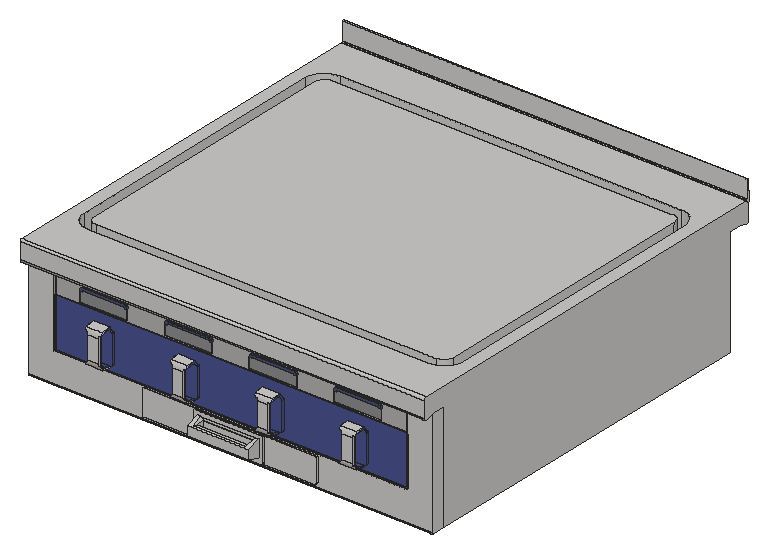
Revit family "QF_ELECTROLUXPROFESSIONAL_588325_MATCABHOAO", category Specialty Equipment, Revit 2018
Family settings
  Round Connector Dimension = Use Diameter
  Part Type = Normal
  Work Plane-Based = No
  Always vertical = Yes
  Cut with Voids When Loaded = No
  Shared = No
  Room Calculation Point = No
Parameters
  Weight in Pounds = 253.532
  Watts = 12000 VA  # 12000 W
  Volts = 400 V  # constant formula
  URL Cutsheet = ""
  Type Mark [instance] = ""
  Status [instance] = ""
  Specification by User [instance] = ""
  Specification by Manufacturer = ""
  Show Clearance [instance] = yes
  Serial Number = ""
  Seismic Rating = ""
  SMACNA No = ""
  Revision Code [instance] = ""
  Phase = 3  # constant formula
  Omniclass Number and Title = ""
  Number of Poles [instance] = 1
  NAFEM Spec ID Number = ""
  Model = "588325"
  Min Ckt Ampacity = 0 A
  Max Overcurrent Protection = 0 A
  Masterspec = ""
  Manufacturer = "ELECTROLUX"
  Item Number [instance] = ""
  Installed By [instance] = ""
  Identify Quantity as Lot [instance] = yes
  HP = "16.1 HP"
  Furnished By [instance] = ""
  Foodservice Equipment Identifier [instance] = yes
  FL Amps [instance] = if(Phase = 3, Watts / (Volts * 1.73), Watts / Volts)  # 17.341 A
  Electrical Remarks = "400 V/3N ph/50/60 Hz"  # constant formula
  Electric Connection Type [instance] = ""
  Elec Conn RI Height [instance] = 0 mm
  Elec Conn Connection Height [instance] = 0 mm
  Direct Waste Size = 0"
  Description = "EL.FREE COOKING TOP,1S,BS,800X800X250H"
  Cycle [instance] = if([60 Hertz Option], 60 Hz, 50 Hz)  # 60 Hz
  Conn Plug = ""
  Conn Conduit = yes
  CSI MasterFormat = ""
  CSI Master Format = ""
  Apparent Power [instance] = if(Phase = 3, Volts * FL Amps * 1.73, Volts * FL Amps)  # 12000 VA
  60 Hertz Option [instance] = not([50 Hertz Option])  # yes
  50 Hertz Option [instance] = no
Reference planes
  plane 1 "BACK": y = 0
  plane 2: z = 0
  plane 3 "LEFT": x = 0
  plane 4 "RIGHT": x = 800
  plane 5 "FRONT": y = -800
  plane 6 "TOP": z = 250
  plane 7: x = 400
  plane 8: y = -400
  plane 9: z = 582.185
  plane 10: y = -1230
  plane 11: x = 755
Forms (mm)
  Extrusion 1, solid, material "QF_Finishes_Stainless Steel"
    sketch origin (0, -487.128, 0) x (0, 1, 0) y (0, 0, 1)
      loop
        line (483.128, 250) -> (-308.872, 250)
        arc (-308.872, 250) -> (-311.7, 248.828) -> (-312.872, 246) r 4
        line (-312.872, 246) -> (-312.872, 214)
        arc (-312.872, 214) -> (-311.437, 210.931) -> (-308.161, 210.064) r 4
        line (-308.161, 210.064) -> (-292.872, 213) -> (-267.872, 213) -> (-267.872, 0) -> (441.128, 0) -> (441.128, 213) -> (465.765, 213) -> (482.433, 210.061)
        arc (482.433, 210.061) -> (485.699, 210.936) -> (487.128, 214) r 4
        line (487.128, 214) -> (487.128, 246)
        arc (487.128, 246) -> (485.956, 248.828) -> (483.128, 250) r 4
    from 0 to 800
  Extrusion 2, void
    sketch origin (653.786, 44.048, 250) x (1, 0, 0) y (0, -1, 0)
      loop
        line (-590.636, 133.048) -> (83.064, 133.048)
        arc (83.064, 133.048) -> (110.04, 144.222) -> (121.214, 171.198) r 38.15
        line (121.214, 171.198) -> (121.214, 716.572)
        arc (121.214, 716.572) -> (109.944, 743.779) -> (82.737, 755.048) r 38.476
        line (82.737, 755.048) -> (-591.786, 755.048)
        arc (-591.786, 755.048) -> (-617.949, 744.211) -> (-628.786, 718.048) r 37
        line (-628.786, 718.048) -> (-628.786, 171.198)
        arc (-628.786, 171.198) -> (-617.613, 144.222) -> (-590.636, 133.048) r 38.15
    from 0 to 37
  Extrusion 3, solid, material "QF_Finishes_Stainless Steel"
    sketch origin (0, -655, 0) x (1, 0, 0) y (0, -1, 0)
      loop
        circle (755, -70) r 6.35
    from 0 to 3.2
  Extrusion 4, solid, material "QF_Door-Drawer Clearances", visible <- "Show Clearance", detail levels coarse
    sketch origin (437.31, -782.593, 8.62) x (0, 0, 1) y (-1, 0, 0)
      loop
        line (1.973, -134.295) -> (49.317, -134.295)
        arc (49.317, -134.295) -> (50.776, -133.691) -> (51.38, -132.232) r 2.063
        line (51.38, -132.232) -> (51.38, 206.852)
        arc (51.38, 206.852) -> (50.88, 208.549) -> (49.541, 209.705) r 3.133
        line (49.541, 209.705) -> (3.067, 209.705)
        arc (3.067, 209.705) -> (0.898, 208.807) -> (0, 206.638) r 3.067
        line (0, 206.638) -> (0, -132.322)
        arc (0, -132.322) -> (0.578, -133.717) -> (1.973, -134.295) r 1.973
    from 0 to 447.407
  Extrusion 5, solid, material "QF_Finishes_Stainless Steel"
    sketch origin (653.786, 44.048, 213) x (1, 0, 0) y (0, 1, 0)
      loop
        line (-608.786, -171.198) -> (-608.786, -716.898)
        arc (-608.786, -716.898) -> (-603.47, -729.732) -> (-590.636, -735.048) r 18.15
        line (-590.636, -735.048) -> (83.064, -735.048)
        arc (83.064, -735.048) -> (95.898, -729.732) -> (101.214, -716.898) r 18.15
        line (101.214, -716.898) -> (101.214, -171.198)
        arc (101.214, -171.198) -> (95.898, -158.364) -> (83.064, -153.048) r 18.15
        line (83.064, -153.048) -> (-590.636, -153.048)
        arc (-590.636, -153.048) -> (-603.47, -158.364) -> (-608.786, -171.198) r 18.15
    from 0 to 37
  Extrusion 6, solid, material "QF_Finishes_Stainless Steel"
    sketch origin (0, -950.048, 0) x (0, -1, 0) y (0, 0, -1)
      loop
        arc (-948.097, -252.006) -> (-947.511, -250.592) -> (-946.097, -250.006) r 2
        arc (-946.097, -250.006) -> (-948.877, -248.828) -> (-950.048, -246) r 4
        line (-950.048, -246) -> (-950.048, -288.006) -> (-948.097, -288.006) -> (-948.097, -252.006)
    from 0 to 800
Cuts and joins
  Extrusion 2 cuts Extrusion 1
Lines and regions (mm)
  symbolic lines
    curve 1: line (25, -674, 0) -> (25, -127.15, 0)
    curve 2: arc (25, -127.15, 0) -> (36.174, -100.174, 0) -> (63.15, -89, 0) r 38.15
    curve 3: line (63.15, -89, 0) -> (736.85, -89, 0)
    curve 4: arc (736.85, -89, 0) -> (763.826, -100.174, 0) -> (775, -127.15, 0) r 38.15
    curve 5: line (775, -127.15, 0) -> (775, -672.524, 0)
    curve 6: arc (775, -672.524, 0) -> (763.731, -699.731, 0) -> (736.524, -711, 0) r 38.476
    curve 7: line (736.524, -711, 0) -> (62, -711, 0)
    curve 8: arc (62, -711, 0) -> (35.837, -700.163, 0) -> (25, -674, 0) r 37
    curve 9: line (0, 0, 0) -> (800, 0, 0)
    curve 10: line (0, -800, 0) -> (0, 0, 0)
    curve 11: line (800, -800, 0) -> (0, -800, 0)
    curve 12: line (800, 0, 0) -> (800, -800, 0)
  symbolic lines, style "QF_Door-Drawer Clearances"
    curve 13: line (571.605, -1230, 0) -> (571.605, -800, 0)
    curve 14: line (571.605, -1230, 0) -> (227.605, -1230, 0)
    curve 15: line (227.605, -1230, 0) -> (227.605, -800, 0)
  symbolic lines, style "SpecialityEquipment"
    curve 16: line (755, -672.85, 0) -> (755, -127.15, 0)
    curve 17: arc (755, -127.15, 0) -> (749.684, -114.316, 0) -> (736.85, -109, 0) r 18.15
    curve 18: line (736.85, -109, 0) -> (63.15, -109, 0)
    curve 19: arc (63.15, -109, 0) -> (50.316, -114.316, 0) -> (45, -127.15, 0) r 18.15
    curve 20: line (45, -127.15, 0) -> (45, -672.85, 0)
    curve 21: arc (45, -672.85, 0) -> (50.316, -685.684, 0) -> (63.15, -691, 0) r 18.15
    curve 22: line (63.15, -691, 0) -> (736.85, -691, 0)
    curve 23: arc (736.85, -691, 0) -> (749.684, -685.684, 0) -> (755, -672.85, 0) r 18.15
    curve 24: line (0, -1.951, 0) -> (800, -1.951, 0)
Dimensions and locks
  plane 3 "LEFT" to plane 4 "RIGHT" = 800 mm
  plane 5 "FRONT" to plane 1 "BACK" = 800 mm
  equal spacing: plane 3 "LEFT", plane 7, plane 4 "RIGHT"
  equal spacing: plane 5 "FRONT", plane 8, plane 1 "BACK"
  plane 6 "TOP" to level = 250 mm  (x2)
  plane 1 "BACK" to plane 5 "FRONT" = 800 mm
  Extrusion 3 sketch curve to plane 1 "BACK" = 585 mm
  Extrusion 3 sketch curve to plane 4 "RIGHT" = 45 mm
  plane 5 "FRONT" to plane 10 = 430 mm
  plane 1 "BACK" to Extrusion 3 = 585 mm
  locked: plane 11 to plane 4 "RIGHT" at 45
  aligned and locked: level to plane 2
  aligned and locked: plane 7 to nested 1
  aligned and locked: Extrusion 4 to plane 10
  aligned and locked: Extrusion 1 to plane 4 "RIGHT"
Automatic sketch dimensions
  Extrusion 1 sketch curve to plane 5 "FRONT" = 0 mm
  Extrusion 1 sketch curve to plane 6 "TOP" = 0 mm
  Extrusion 1 sketch curve to level = 0 mm
  Extrusion 1 sketch curve to plane 1 "BACK" = 0 mm
  Extrusion 1 sketch curve to plane 6 "TOP" = 37 mm  (x2)
  Extrusion 1 sketch curve to plane 5 "FRONT" = 4 mm
  Extrusion 1 sketch curve to plane 5 "FRONT" = 20 mm
  Extrusion 1 sketch curve to plane 5 "FRONT" = 45 mm
  plane 1 "BACK" to Extrusion 1 sketch curve = 21.363 mm
  plane 1 "BACK" to Extrusion 1 sketch curve = 4 mm  (x2)
  Extrusion 1 sketch curve to Extrusion 1 sketch curve = 4 mm
  Extrusion 1 sketch curve to Extrusion 1 sketch curve = 0.711 mm
  plane 1 "BACK" to Extrusion 1 sketch curve = 4.695 mm
  Extrusion 1 sketch curve to Extrusion 1 sketch curve = 0 mm  (x2)
  Extrusion 1 sketch curve to Extrusion 1 sketch curve = 1 mm  (x2)
  plane 1 "BACK" to Extrusion 1 sketch curve = 46 mm
  Extrusion 4 sketch curve to nested 1 = 1.973 mm
  Extrusion 4 sketch curve to nested 1 = 2.853 mm
  Extrusion 4 sketch curve to nested 1 = 1.839 mm
  Extrusion 1 to Extrusion 2 sketch curve = 25 mm  (x2)
  Extrusion 1 to Extrusion 2 sketch curve = 85 mm
  Extrusion 2 sketch curve to Extrusion 2 sketch curve = 37 mm
  Extrusion 2 sketch curve to Extrusion 2 sketch curve = 38.15 mm
  Extrusion 1 to Extrusion 2 sketch curve = 63.476 mm
  Extrusion 1 to Extrusion 2 sketch curve = 63.15 mm
  Extrusion 1 to Extrusion 2 sketch curve = 123.15 mm
  Extrusion 5 sketch curve to Extrusion 2 = 20 mm  (x3)
  Extrusion 5 sketch curve to Extrusion 2 = 38.15 mm  (x5)
  curve 2 to curve 19 = 0 mm  (x2)
  curve 4 to curve 17 = 0 mm  (x2)
  curve 12 to plane 4 "RIGHT" = 0 mm
  curve 16 to plane 11 = 0 mm
  plane 10 to curve 13 = 0 mm
  curve 11 to plane 3 "LEFT" = 0 mm
  plane 1 "BACK" to curve 12 = 0 mm
  plane 5 "FRONT" to curve 11 = 0 mm
  curve 5 to plane 11 = 20 mm
  plane 11 to curve 18 = 18.15 mm
  plane 11 to curve 22 = 18.15 mm
  plane 11 to curve 7 = 18.476 mm
  plane 11 to curve 13 = 183.395 mm
  curve 15 to plane 7 = 172.395 mm
  plane 3 "LEFT" to curve 22 = 63.15 mm
  plane 3 "LEFT" to curve 18 = 63.15 mm
  curve 22 to curve 7 = 1.15 mm
  curve 8 to curve 20 = 17 mm
  plane 1 "BACK" to curve 3 = 89 mm
  curve 5 to plane 5 "FRONT" = 127.476 mm
  curve 20 to curve 8 = 1.15 mm
  Extrusion 6 sketch curve to plane 1 "BACK" = 0 mm  (x2)
  Extrusion 6 sketch curve to plane 6 "TOP" = 2.006 mm
  Extrusion 6 sketch curve to plane 6 "TOP" = 0 mm
  Extrusion 6 sketch curve to Extrusion 6 sketch curve = 1.951 mm
  Extrusion 6 sketch curve to Extrusion 6 sketch curve = 2 mm
  Extrusion 6 sketch curve to Extrusion 6 sketch curve = 0.049 mm
  Extrusion 6 sketch curve to Extrusion 6 sketch curve = 36 mm
  Extrusion 6 sketch curve to Extrusion 6 sketch curve = 0 mm
  curve 24 to plane 4 "RIGHT" = 0 mm
  curve 24 to plane 3 "LEFT" = 0 mm
  plane 1 "BACK" to curve 24 = 1.951 mm
  radius of Extrusion 3 sketch curve = 6.35 mm
  radius of Extrusion 4 sketch curve to nested 1 = 0 mm  (x2)
Nested families
  nested 1: "EG_800_1000_Four Front Panel with Center Grease Trap" at (202.376, -755, -650), type "EG_800_1000_Four Front Panel with Center Grease Trap"
Connectors
  electrical at (755, -585, -3.2), driven by "Volts", driven by "Watts"
    settings: on Extrusion 3, index 1, voltage 400 V, apparent load 12000 VA, apparent load phase1 0 VA, apparent load phase2 0 VA, apparent load phase3 0 VA, power factor 1, load classification "Other", number of poles 1, system type 30, power factor state 1, is connector primary yes, connector utility no, sub classification motor no, connector description "ELECTRICAL CONNECTION"
Definition of nested family "EG_800_1000_Four Front Panel with Center Grease Trap"
  Reference planes
    plane 1 "Center (Front/Back)": y = 0
    plane 2: z = 0
    plane 3 "Center (Left/Right)": x = 197.624
    plane 4: x = -202.376
    plane 5: x = 597.624
    plane 6: y = -45
  Forms (mm)
    Extrusion 1, solid
      sketch origin (833.217, 829.203, -1.25) x (0, 1, 0) y (0, 0, 1)
        loop
          arc (-854.203, 654.25) -> (-853.324, 652.129) -> (-851.203, 651.25) r 3
          line (-851.203, 651.25) -> (-829.203, 651.25) -> (-829.203, 864.25) -> (-854.203, 864.25) -> (-854.203, 654.25)
      from -1035.593 to -235.593
    Extrusion 2, void
      sketch origin (33.217, 829.203, -1.25) x (1, 0, 0) y (0, 0, 1)
        loop
          line (-185.593, 855.116) -> (-185.593, 713.116) -> (514.407, 713.116) -> (514.407, 855.116) -> (-185.593, 855.116)
      from 848.59 to 854.203
  Cuts and joins
    Extrusion 2 cuts Extrusion 1
  Dimensions and locks
    equal spacing: plane 5, plane 3 "Center (Left/Right)", plane 4
    plane 5 to plane 4 = 800 mm
    aligned and locked: cut or joined group of Extrusion 1, Extrusion 2 to plane 4
    aligned and locked: plane 5 to cut or joined group of Extrusion 1, Extrusion 2
    aligned and locked: plane 3 "Center (Left/Right)" to nested 2
    aligned and locked: cut or joined group of Extrusion 1, Extrusion 2 to nested 2
    aligned and locked: plane 3 "Center (Left/Right)" to nested 3
  Automatic sketch dimensions
    Extrusion 1 sketch curve to plane 1 "Center (Front/Back)" = 0 mm
    plane 1 "Center (Front/Back)" to Extrusion 1 sketch curve = 22 mm
    Extrusion 1 sketch curve to Extrusion 1 sketch curve = 3 mm
    level to Extrusion 1 sketch curve = 650 mm
    Extrusion 1 sketch curve to Extrusion 1 sketch curve = 210 mm
    plane 4 to Extrusion 2 sketch curve = 50 mm
    Extrusion 2 sketch curve to plane 5 = 50 mm
    level to Extrusion 2 sketch curve = 711.866 mm
    Extrusion 2 sketch curve to Extrusion 2 sketch curve = 142 mm
  Nested families
    nested 1: "Range Control Handle" at (-54.464, -28.137, -209.113) x (-1, 0, 0) z (0, 0, 1), type "Range Control Handle"
    nested 2: "glass conrol panel" at (197.624, 280.644, 2.752), type "glass conrol panel"
    nested 3: "grease trap door" at (265.223, -25, 0.608) x (-1, 0, 0) z (0, 0, 1), type "grease trap door"
    nested 4: "Range Control Handle" at (113.036, -28.137, -209.113) x (-1, 0, 0) z (0, 0, 1), type "Range Control Handle"
    nested 5: "Range Control Handle" at (280.536, -28.137, -209.113) x (-1, 0, 0) z (0, 0, 1), type "Range Control Handle"
    nested 6: "Range Control Handle" at (448.036, -28.137, -209.113) x (-1, 0, 0) z (0, 0, 1), type "Range Control Handle"
  Definition of nested family "Range Control Handle"
    Reference planes
      plane 1 "Center (Front/Back)": y = 0
      plane 2: z = 0
      plane 3 "Center (Left/Right)": x = 0
      plane 4: z = 971.092
      plane 5: y = -16.9
    Forms (mm)
      Extrusion 1, solid
        sketch origin (-746.28, 380.497, 208.931) x (-1, 0, 0) y (0, 0, 1)
          loop
            line (-770.101, 786.798) -> (-770.101, 731.649)
            arc (-770.101, 731.649) -> (-769.759, 730.563) -> (-768.855, 729.87) r 1.893
            line (-768.855, 729.87) -> (-763.474, 727.911) -> (-729.81, 727.911) -> (-724.428, 729.87)
            arc (-724.428, 729.87) -> (-723.525, 730.563) -> (-723.183, 731.649) r 1.893
            line (-723.183, 731.649) -> (-723.183, 786.798)
            arc (-723.183, 786.798) -> (-723.529, 787.894) -> (-724.44, 788.593) r 1.91
            line (-724.44, 788.593) -> (-729.683, 790.819) -> (-763.601, 790.819) -> (-768.844, 788.593)
            arc (-768.844, 788.593) -> (-769.755, 787.894) -> (-770.101, 786.798) r 1.91
        from -382.35 to -378.852
      Sweep 2, solid
        path origin (-746.788, 380.496, 208.091) x (0, -1, 0) y (0, 0, 1)
          loop
            line (379.775, 793.281) -> (395.661, 791.048)
            arc (395.661, 791.048) -> (397.781, 787.377) -> (398.517, 783.202) r 12.207
            line (398.517, 783.202) -> (398.517, 737.368)
            arc (398.517, 737.368) -> (397.781, 733.193) -> (395.661, 729.522) r 12.207
            line (395.661, 729.522) -> (379.775, 727.289)
        profile origin (-746.788, -7.222, 1000.256) x (0, -0.139173, 0.990268) y (-1, 0, 0)
          loop
            line (0.782, -763.123) -> (0.782, -730.907) -> (-1.322, -730.907) -> (-1.322, -763.123) -> (0.782, -763.123)
      Sweep 3, solid
        path origin (-746.788, 380.715, 207.832) x (0, -1, 0) y (0, 0, 1)
          loop
            line (380.478, 795.442) -> (397.218, 793.09)
            arc (397.218, 793.09) -> (399.929, 788.473) -> (400.871, 783.202) r 15.207
            line (400.871, 783.202) -> (400.871, 737.584)
            arc (400.871, 737.584) -> (399.914, 732.274) -> (397.164, 727.633) r 15.207
            line (397.164, 727.633) -> (380.601, 725.305)
        profile origin (-746.788, -8.132, 1002.099) x (0, -0.139173, 0.990268) y (-1, 0, 0)
          loop
            line (0.782, -763.123) -> (0.782, -730.907) -> (-1.322, -730.907) -> (-1.322, -763.123) -> (0.782, -763.123)
      Extrusion 4, void
        sketch origin (889.253, 220.666, 207.993) x (1, 0, 0) y (0, 0, 1)
          loop
            line (-943.038, 816.854) -> (-943.038, 703.686) -> (-899.466, 734.196) -> (-899.466, 786.344) -> (-943.038, 816.854)
        from 230.636 to 242.25
      Extrusion 5, void
        sketch origin (-888.8, 220.666, 207.993) x (-1, 0, 0) y (0, 0, -1)
          loop
            line (-943.038, -816.854) -> (-899.466, -786.344) -> (-899.466, -734.196) -> (-943.038, -703.686) -> (-943.038, -816.854)
        from 230.636 to 242.25
      Extrusion 6, solid
        sketch origin (0, 0, 0) x (1, 0, 0) y (0, 0, 1)
          loop
            circle (0, 971.092) r 7.736
        from -3.137 to -1.645
    Cuts and joins
      Extrusion 4, Extrusion 5 cuts Sweep 3
      Extrusion 4, Extrusion 5 cuts Sweep 2
      joined: Extrusion 1, Extrusion 6
    Lines and regions (mm)
      symbolic lines
        curve 1: line (16.334, -16.9, 0) -> (16.334, -19.227, 0)
        curve 2: spline (16.334, -19.227, 0) -> (15.87, -19.385, 0) -> (15.404, -19.536, 0) -> (14.936, -19.678, 0) -> (14.466, -19.813, 0) -> (13.995, -19.94, 0) -> (13.523, -20.059, 0) -> (13.049, -20.171, 0) -> (12.575, -20.274, 0) -> (12.099, -20.37, 0) -> (11.622, -20.458, 0) -> (11.144, -20.537, 0) -> (10.666, -20.609, 0)
        curve 3: line (10.666, -16.9, 0) -> (10.666, -20.938, 0)
        curve 4: line (-10.213, -20.938, 0) -> (10.666, -20.938, 0)
        curve 5: line (-10.213, -20.938, 0) -> (-10.213, -16.9, 0)
        curve 6: spline (-10.213, -20.609, 0) -> (-10.691, -20.537, 0) -> (-11.169, -20.458, 0) -> (-11.646, -20.37, 0) -> (-12.122, -20.274, 0) -> (-12.597, -20.171, 0) -> (-13.07, -20.059, 0) -> (-13.542, -19.94, 0) -> (-14.013, -19.813, 0) -> (-14.483, -19.678, 0) -> (-14.951, -19.536, 0) -> (-15.417, -19.385, 0) -> (-15.881, -19.227, 0)
        curve 7: line (-15.881, -19.227, 0) -> (-15.881, -16.9, 0)
  Definition of nested family "glass conrol panel"
    Reference planes
      plane 1 "Center (Front/Back)": y = 0
      plane 2: z = 0
      plane 3 "Center (Left/Right)": x = 0
    Forms (mm)
      Extrusion 1, solid
        sketch origin (378.286, 0, 0.617) x (1, 0, 0) y (0, 0, 1)
          loop
            line (-728.286, 806.791) -> (-728.286, 708.497) -> (-28.286, 708.497) -> (-28.286, 806.791) -> (-728.286, 806.791)
        from 300.031 to 304.8
      Extrusion 2, solid
        sketch origin (378.286, 0, 0.617) x (1, 0, 0) y (0, 0, 1)
          loop
            line (-728.286, 850.497) -> (-728.286, 806.791) -> (-28.286, 806.791) -> (-28.286, 850.497) -> (-728.286, 850.497)
        from 300.031 to 304.8
      Extrusion 3, void
        sketch origin (378.286, 0, 0.617) x (1, 0, 0) y (0, 0, 1)
          loop
            line (-725.628, 847.565) -> (-725.628, 710.699) -> (-31.196, 710.699) -> (-31.196, 847.565) -> (-725.628, 847.565)
        from 303.697 to 304.8
      Extrusion 4, solid
        sketch origin (-392.059, 1.101, -0.633) x (-1, 0, 0) y (0, 0, -1)
          loop
            line (-261.431, -812.62) -> (-355.186, -812.62) -> (-355.186, -834.177) -> (-350.269, -834.177) -> (-348.469, -835.977) -> (-268.039, -835.977) -> (-266.24, -834.177) -> (-261.431, -834.177) -> (-261.431, -812.62)
        from 304.798 to 306.745
      Extrusion 5, solid
        sketch origin (-392.059, 1.101, -0.633) x (-1, 0, 0) y (0, 0, -1)
          loop
            line (-350.269, -834.177) -> (-355.078, -834.177)
            arc (-355.078, -834.177) -> (-353.942, -838.747) -> (-349.686, -840.763) r 5.5
            line (-349.686, -840.763) -> (-266.98, -840.763)
            arc (-266.98, -840.763) -> (-262.706, -838.752) -> (-261.529, -834.177) r 5.549
            line (-261.529, -834.177) -> (-266.24, -834.177) -> (-268.039, -835.977) -> (-348.469, -835.977) -> (-350.269, -834.177)
        from 304.798 to 306.745
      Extrusion 6, solid
        sketch origin (392.059, 1.101, -0.633) x (1, 0, 0) y (0, 0, 1)
          loop
            line (-261.431, 812.62) -> (-261.431, 834.177) -> (-266.24, 834.177) -> (-268.039, 835.977) -> (-348.469, 835.977) -> (-350.269, 834.177) -> (-355.186, 834.177) -> (-355.186, 812.62) -> (-261.431, 812.62)
        from 304.798 to 306.745
      Extrusion 7, solid
        sketch origin (392.059, 1.101, -0.633) x (1, 0, 0) y (0, 0, 1)
          loop
            line (-350.269, 834.177) -> (-348.469, 835.977) -> (-268.039, 835.977) -> (-266.24, 834.177) -> (-261.529, 834.177)
            arc (-261.529, 834.177) -> (-262.706, 838.752) -> (-266.98, 840.763) r 5.549
            line (-266.98, 840.763) -> (-349.686, 840.763)
            arc (-349.686, 840.763) -> (-353.942, 838.747) -> (-355.078, 834.177) r 5.5
            line (-355.078, 834.177) -> (-350.269, 834.177)
        from 304.798 to 306.745
      Extrusion 8, solid
        sketch origin (-559.559, 1.101, -0.633) x (-1, 0, 0) y (0, 0, -1)
          loop
            line (-261.431, -812.62) -> (-355.186, -812.62) -> (-355.186, -834.177) -> (-350.269, -834.177) -> (-348.469, -835.977) -> (-268.039, -835.977) -> (-266.24, -834.177) -> (-261.431, -834.177) -> (-261.431, -812.62)
        from 304.798 to 306.745
      Extrusion 9, solid
        sketch origin (-559.559, 1.101, -0.633) x (-1, 0, 0) y (0, 0, -1)
          loop
            line (-350.269, -834.177) -> (-355.078, -834.177)
            arc (-355.078, -834.177) -> (-353.942, -838.747) -> (-349.686, -840.763) r 5.5
            line (-349.686, -840.763) -> (-266.98, -840.763)
            arc (-266.98, -840.763) -> (-262.706, -838.752) -> (-261.529, -834.177) r 5.549
            line (-261.529, -834.177) -> (-266.24, -834.177) -> (-268.039, -835.977) -> (-348.469, -835.977) -> (-350.269, -834.177)
        from 304.798 to 306.745
      Extrusion 10, solid
        sketch origin (559.559, 1.101, -0.633) x (1, 0, 0) y (0, 0, 1)
          loop
            line (-261.431, 812.62) -> (-261.431, 834.177) -> (-266.24, 834.177) -> (-268.039, 835.977) -> (-348.469, 835.977) -> (-350.269, 834.177) -> (-355.186, 834.177) -> (-355.186, 812.62) -> (-261.431, 812.62)
        from 304.798 to 306.745
      Extrusion 11, solid
        sketch origin (559.559, 1.101, -0.633) x (1, 0, 0) y (0, 0, 1)
          loop
            line (-350.269, 834.177) -> (-348.469, 835.977) -> (-268.039, 835.977) -> (-266.24, 834.177) -> (-261.529, 834.177)
            arc (-261.529, 834.177) -> (-262.706, 838.752) -> (-266.98, 840.763) r 5.549
            line (-266.98, 840.763) -> (-349.686, 840.763)
            arc (-349.686, 840.763) -> (-353.942, 838.747) -> (-355.078, 834.177) r 5.5
            line (-355.078, 834.177) -> (-350.269, 834.177)
        from 304.798 to 306.745
    Cuts and joins
      Extrusion 3 cuts Extrusion 1
      Extrusion 3 cuts Extrusion 2
    Dimensions and locks
      aligned and locked: Extrusion 1 to Extrusion 2
      aligned and locked: Extrusion 5 sketch curve to Extrusion 4  (x5)
      aligned and locked: Extrusion 5 to Extrusion 4
      aligned and locked: Extrusion 7 sketch curve to Extrusion 6  (x4)
      aligned and locked: Extrusion 6 to Extrusion 7 sketch curve
      aligned and locked: Extrusion 7 to Extrusion 6
      aligned and locked: Extrusion 9 sketch curve to Extrusion 8  (x5)
      aligned and locked: Extrusion 9 to Extrusion 8
      aligned and locked: Extrusion 11 sketch curve to Extrusion 10  (x4)
      aligned and locked: Extrusion 10 to Extrusion 11 sketch curve
      aligned and locked: Extrusion 11 to Extrusion 10
  Definition of nested family "grease trap door"
    Reference planes
      plane 1 "Center (Front/Back)": y = 0
      plane 2: z = 0
      plane 3 "Center (Left/Right)": x = 0
      plane 4: y = -20
    Forms (mm)
      Extrusion 1, solid
        sketch origin (1627.55, 854.203, -1.25) x (1, 0, 0) y (0, 0, 1)
          loop
            arc (-1627.55, 661.235) -> (-1626.972, 659.84) -> (-1625.577, 659.262) r 1.973
            line (-1625.577, 659.262) -> (-1494.325, 659.262)
            arc (-1494.325, 659.262) -> (-1492.156, 660.16) -> (-1491.258, 662.329) r 3.067
            line (-1491.258, 662.329) -> (-1491.258, 708.803)
            arc (-1491.258, 708.803) -> (-1492.414, 710.143) -> (-1494.111, 710.642) r 3.133
            line (-1494.111, 710.642) -> (-1625.486, 710.642)
            arc (-1625.486, 710.642) -> (-1626.945, 710.038) -> (-1627.55, 708.579) r 2.063
            line (-1627.55, 708.579) -> (-1627.55, 661.235)
        from 856.795 to 859.203
      Extrusion 2, solid
        sketch origin (445.874, 2476.61, 0) x (0, 1, 0) y (0, 0, 1)
          loop
            line (-2506.377, 675.273) -> (-2481.61, 667.505) -> (-2481.61, 700.995) -> (-2506.377, 693.227) -> (-2506.377, 675.273)
        from -437.68 to -317.68
      Extrusion 3, void
        sketch origin (1627.55, 854.203, -1.25) x (1, 0, 0) y (0, 0, 1)
          loop
            line (-1614.883, 703) -> (-1610.542, 695.433) -> (-1508.17, 695.433) -> (-1503.828, 703) -> (-1614.883, 703)
          loop
            line (-1614.883, 668) -> (-1502.669, 668) -> (-1507.01, 675.567) -> (-1610.542, 675.567) -> (-1614.883, 668)
        from 832.916 to 883.97
      Extrusion 4, void
        sketch origin (447.55, 854.203, -1.25) x (1, 0, 0) y (0, 0, 1)
          loop
            line (-430.542, 695.433) -> (-430.542, 675.567) -> (-328.17, 675.567) -> (-328.17, 695.433) -> (-430.542, 695.433)
        from 859.203 to 874.202
      Extrusion 5, solid
        sketch origin (1627.55, 854.203, -1.25) x (1, 0, 0) y (0, 0, 1)
          loop
            arc (-1731.556, 661.235) -> (-1730.978, 659.84) -> (-1729.583, 659.262) r 1.973
            line (-1729.583, 659.262) -> (-1390.623, 659.262)
            arc (-1390.623, 659.262) -> (-1388.454, 660.16) -> (-1387.556, 662.329) r 3.067
            line (-1387.556, 662.329) -> (-1387.556, 708.803)
            arc (-1387.556, 708.803) -> (-1388.712, 710.143) -> (-1390.409, 710.642) r 3.133
            line (-1390.409, 710.642) -> (-1729.493, 710.642)
            arc (-1729.493, 710.642) -> (-1730.952, 710.038) -> (-1731.556, 708.579) r 2.063
            line (-1731.556, 708.579) -> (-1731.556, 661.235)
        from 854.203 to 856.795
    Cuts and joins
      Extrusion 3 cuts Extrusion 1
      Extrusion 3, Extrusion 4 cuts Extrusion 2
      joined: Extrusion 1, Extrusion 2
    Lines and regions (mm)
      model lines
        curve 1: line (67.599, 0, 658.012) -> (67.599, 0, 709.392)
      symbolic lines
        curve 2: line (8.194, -20, 0) -> (8.194, -29.767, 0)
        curve 3: line (8.194, -29.767, 0) -> (128.194, -29.767, 0)
        curve 4: line (128.194, -29.767, 0) -> (128.194, -20, 0)
    Dimensions and locks
      aligned and locked: Extrusion 2 to Extrusion 1
      aligned and locked: Extrusion 3 to Extrusion 2
      aligned and locked: Extrusion 4 to Extrusion 1
